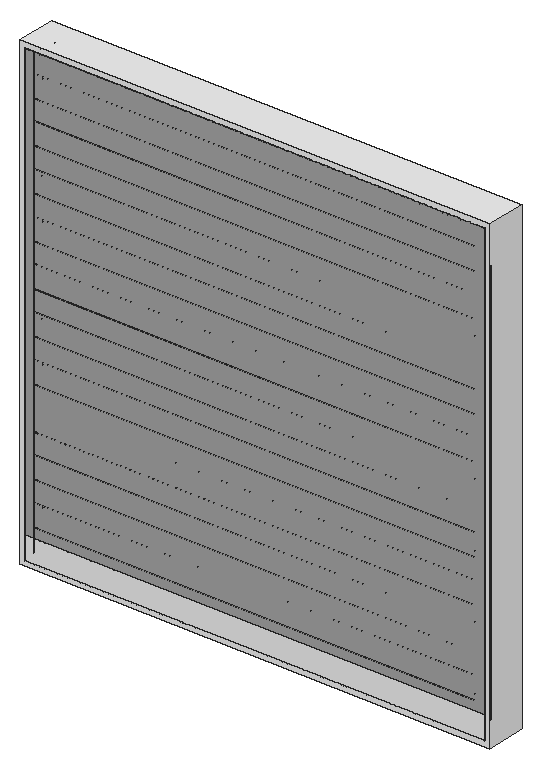
Revit family
Parameters (values of type "Louver_Drnable_EDD-445_All-Lite")
  Warranty = "http://www.alllite-louvers.com/All-Lite_Warranty.pdf"
  URL = "http://www.alllite-louvers.com"
  Specifications = "http://www.alllite-louvers.com/catalog/AEDD-445-csi-specification.doc"
  Spacing = 0.375 ft
  SmartBIM Object Version = 3  # constant formula
  SmartBIM Object Created By = "Reed Construction Data"  # constant formula
  Shim Thickness = 0.042 ft
  Screen Width = Width - (2 * Shim Thickness)  # 3.916 ft
  Screen Height = Height - (2 * Shim Thickness) - 0.198333 ft  # 3.717667 ft
  Screen = Aluminum
  Rough Width = 0.0 ft
  Rough Height = 0.0 ft
  Product URL = "http://www.alllite-louvers.com/catalog.php?model=EDD-445"
  Pressure Loss (in.wg.) = "0.16"  # constant formula
  OmniClass Title = "Exterior Louvers and Grilles"  # constant formula
  OmniClass Code = "23-60 11 17"  # constant formula
  Model = "EDD-445"  # constant formula
  Minimum Size = "4.5\" x 7.0"
  Maximum Size - Single Section = "60\" x 120\" or 120\" x 60\""
  Maximum Size - Multiple Section = "Unlimited"
  Manufacturer = "All-Lite"  # constant formula
  Blades Width = Width - (2 * Shim Thickness) - 2 * 0.072917 ft  # 3.770167 ft
  Blades = Mill finish, 6063-T5 Extruded Aluminum
  Installation = "http://www.alllite-louvers.com/catalog/Installation.pdf"
  Height = 4.0 ft
  Free Area for 48”x48” Louver = "50.4%"
  Free Area Velocity (fpm) = "1,026"  # constant formula
  Free Area (ft²) for 48"x48" Louver = 8.1 ft
  Frame = Mill finish, 6063-T5 Extruded Aluminum
  Default Sill Height = 3.0 ft
  Wall Closure = (empty or 0)
  Width = 4.0 ft
  Cut Sheet = "http://www.alllite-louvers.com/catalog/AEDD445.pdf"
  Assembly Code = "B2010300"
  Air Volume Delivered (cfm) = "8,311"  # constant formula
  95 CSI = "10200 "  # constant formula
  04 CSI = "08 91 00"  # constant formula
  # of Blades = (Height - 0.25 ft) / (Spacing)  # 10
Reference planes (ft)
  plane 1 "Center (Front/Back)": y = 0
  plane 2: z = 0.291667
  plane 3 "Center (Left/Right)": x = 0
  plane 4 "Left": x = -2
  plane 5 "Right": x = 2
  plane 6 "Sill": z = 3.291667
  plane 7 "Top": z = 7.291667
  plane 8: x = -1.958
  plane 9: x = 1.958
  plane 10: z = 7.249667
  plane 11: z = 3.333667
  plane 12: z = 5.291667
  plane 13: z = 3.417
  plane 14: z = 3.458667
  plane 15: z = 7.166333
  plane 16: z = 7.124667
  plane 17: z = 7.062167
Forms (ft)
  Sweep 1, solid, material "Mill finish, 6063-T5 Extruded Aluminum" <- "Frame"
    path origin (-5, 0.333333, 0) x (-1, 0, 0) y (0, 0, 1)
      loop
        line (-6.885083, 7.249667) -> (-3.114917, 7.249667)
    profile "Head Horizontal Mullion : Head Horizontal Mullion" origin (0, 0.333333, 7.249667) x (0, 0, 1) y (0, 1, 0)
      loop
        line (-0.083333, -0.00675) -> (-0.142259, -0.065676) -> (-0.137486, -0.070449) -> (-0.080537, -0.0135) -> (-0.00675, -0.0135) -> (-0.00675, -0.071625)
        arc (-0.00675, -0.071625) -> (-0.007739, -0.074011) -> (-0.010125, -0.075) r 0.003375
        line (-0.010125, -0.075) -> (-0.027583, -0.075) -> (-0.027583, -0.08175) -> (-0.253375, -0.08175) -> (-0.253375, -0.0135) -> (-0.176792, -0.0135) -> (-0.176792, -0.00675) -> (-0.260125, -0.00675) -> (-0.260125, -0.0885) -> (-0.152255, -0.0885)
        arc (-0.152255, -0.0885) -> (-0.149868, -0.089489) -> (-0.14888, -0.091875) r 0.003375
        line (-0.14888, -0.091875) -> (-0.14888, -0.104254)
        arc (-0.14888, -0.104254) -> (-0.149439, -0.106115) -> (-0.150931, -0.107359) r 0.003375
        arc (-0.150931, -0.107359) -> (-0.159111, -0.117587) -> (-0.155094, -0.130053) r 0.013833
        arc (-0.155094, -0.130053) -> (-0.151433, -0.130726) -> (-0.14938, -0.127621) r 0.003375
        arc (-0.14938, -0.127621) -> (-0.149649, -0.126299) -> (-0.150415, -0.125188) r 0.003375
        arc (-0.150415, -0.125188) -> (-0.145505, -0.113) -> (-0.140594, -0.125188) r 0.007083
        arc (-0.140594, -0.125188) -> (-0.14136, -0.126299) -> (-0.14163, -0.127621) r 0.003375
        arc (-0.14163, -0.127621) -> (-0.139577, -0.130726) -> (-0.135915, -0.130053) r 0.003375
        arc (-0.135915, -0.130053) -> (-0.131899, -0.117587) -> (-0.140079, -0.107359) r 0.013833
        arc (-0.140079, -0.107359) -> (-0.141571, -0.106115) -> (-0.14213, -0.104254) r 0.003375
        line (-0.14213, -0.104254) -> (-0.14213, -0.091875)
        arc (-0.14213, -0.091875) -> (-0.141141, -0.089489) -> (-0.138755, -0.0885) r 0.003375
        line (-0.138755, -0.0885) -> (-0.06925, -0.0885) -> (-0.06925, -0.09525) -> (-0.046442, -0.09525)
        arc (-0.046442, -0.09525) -> (-0.044055, -0.096239) -> (-0.043067, -0.098625) r 0.003375
        line (-0.043067, -0.098625) -> (-0.043067, -0.104254)
        arc (-0.043067, -0.104254) -> (-0.043626, -0.106115) -> (-0.045118, -0.107359) r 0.003375
        arc (-0.045118, -0.107359) -> (-0.053298, -0.117587) -> (-0.049281, -0.130053) r 0.013833
        arc (-0.049281, -0.130053) -> (-0.04562, -0.130726) -> (-0.043567, -0.127621) r 0.003375
        arc (-0.043567, -0.127621) -> (-0.043836, -0.126299) -> (-0.044602, -0.125188) r 0.003375
        arc (-0.044602, -0.125188) -> (-0.039692, -0.113) -> (-0.034781, -0.125188) r 0.007083
        arc (-0.034781, -0.125188) -> (-0.035547, -0.126299) -> (-0.035817, -0.127621) r 0.003375
        arc (-0.035817, -0.127621) -> (-0.033763, -0.130726) -> (-0.030102, -0.130053) r 0.003375
        arc (-0.030102, -0.130053) -> (-0.026085, -0.117587) -> (-0.034266, -0.107359) r 0.013833
        arc (-0.034266, -0.107359) -> (-0.035758, -0.106115) -> (-0.036317, -0.104254) r 0.003375
        line (-0.036317, -0.104254) -> (-0.036317, -0.098625)
        arc (-0.036317, -0.098625) -> (-0.035328, -0.096239) -> (-0.032942, -0.09525) r 0.003375
        line (-0.032942, -0.09525) -> (-0.00675, -0.09525) -> (-0.00675, -0.274467)
        arc (-0.00675, -0.274467) -> (-0.007739, -0.276853) -> (-0.010125, -0.277842) r 0.003375
        line (-0.010125, -0.277842) -> (-0.023858, -0.277842)
        arc (-0.023858, -0.277842) -> (-0.025719, -0.277283) -> (-0.026963, -0.275791) r 0.003375
        arc (-0.026963, -0.275791) -> (-0.037191, -0.267611) -> (-0.049657, -0.271627) r 0.013833
        arc (-0.049657, -0.271627) -> (-0.05033, -0.275289) -> (-0.047225, -0.277342) r 0.003375
        arc (-0.047225, -0.277342) -> (-0.045903, -0.277072) -> (-0.044793, -0.276306) r 0.003375
        arc (-0.044793, -0.276306) -> (-0.032604, -0.281217) -> (-0.044793, -0.286127) r 0.007083
        arc (-0.044793, -0.286127) -> (-0.045903, -0.285361) -> (-0.047225, -0.285092) r 0.003375
        arc (-0.047225, -0.285092) -> (-0.05033, -0.287145) -> (-0.049657, -0.290806) r 0.003375
        arc (-0.049657, -0.290806) -> (-0.037191, -0.294823) -> (-0.026963, -0.286643) r 0.013833
        arc (-0.026963, -0.286643) -> (-0.025719, -0.285151) -> (-0.023858, -0.284592) r 0.003375
        line (-0.023858, -0.284592) -> (-0.010125, -0.284592)
        arc (-0.010125, -0.284592) -> (-0.007739, -0.28558) -> (-0.00675, -0.287967) r 0.003375
        line (-0.00675, -0.287967) -> (-0.00675, -0.326583) -> (-0.0625, -0.326583) -> (-0.0625, -0.333333) -> (0, -0.333333) -> (0, -0.00675) -> (-0.083333, -0.00675)
  Sweep 2, solid, material "Mill finish, 6063-T5 Extruded Aluminum" <- "Frame"
    path origin (-5, 0.333333, 0) x (-1, 0, 0) y (0, 0, 1)
      loop
        line (-6.958, 3.333667) -> (-3.042, 3.333667)
    profile "Horizontal Mullion : Horizontal Mullion" origin (0, 0.333333, 3.333667) x (0, 0, 1) y (0, 1, 0)
      loop
        line (0.076583, -0.00675) -> (0.076583, -0.333333) -> (0.00675, -0.333333) -> (0.00675, -0.298417) -> (0, -0.298417) -> (0, -0.340083) -> (0.197917, -0.340083) -> (0.197917, -0.333333) -> (0.083333, -0.333333) -> (0.083333, 0) -> (0, 0) -> (0, -0.041667) -> (0.00675, -0.041667) -> (0.00675, -0.00675) -> (0.076583, -0.00675)
  Sweep 3, solid, material "Mill finish, 6063-T5 Extruded Aluminum" <- "Frame"
    path origin (-5, 0.333333, 0) x (-1, 0, 0) y (0, 0, 1)
      loop
        line (-6.958, 3.417) -> (-6.958, 7.249667)
    profile "Vertical Mullion : Vertical Mullion" origin (1.958, 0.333333, 5.333333) x (1, 0, 0) y (0, 1, 0)
      loop
        arc (-0.053884, -0.223561) -> (-0.066167, -0.21875) -> (-0.053884, -0.213939) r 0.007083
        arc (-0.053884, -0.213939) -> (-0.049763, -0.214099) -> (-0.049603, -0.209977) r 0.002917
        arc (-0.049603, -0.209977) -> (-0.05391, -0.206915) -> (-0.059083, -0.205833) r 0.012917
        arc (-0.059083, -0.205833) -> (-0.061499, -0.204833) -> (-0.0625, -0.202417) r 0.003417
        line (-0.0625, -0.202417) -> (-0.0625, -0.092167) -> (-0.04766, -0.092167)
        arc (-0.04766, -0.092167) -> (-0.044541, -0.090145) -> (-0.045113, -0.086472) r 0.003417
        arc (-0.045113, -0.086472) -> (-0.039833, -0.074667) -> (-0.034554, -0.086472) r 0.007083
        arc (-0.034554, -0.086472) -> (-0.035126, -0.090145) -> (-0.032007, -0.092167) r 0.003417
        line (-0.032007, -0.092167) -> (0, -0.092167) -> (0, 0) -> (-0.083333, 0) -> (-0.083333, -0.00675) -> (-0.072917, -0.00675) -> (-0.072917, -0.022375) -> (-0.066167, -0.022375) -> (-0.066167, -0.010417) -> (-0.010417, -0.010417) -> (-0.010417, -0.08175) -> (-0.022628, -0.08175)
        arc (-0.022628, -0.08175) -> (-0.02563, -0.080749) -> (-0.02743, -0.078145) r 0.005
        arc (-0.02743, -0.078145) -> (-0.039833, -0.068833) -> (-0.052237, -0.078145) r 0.012917
        arc (-0.052237, -0.078145) -> (-0.054036, -0.080749) -> (-0.057038, -0.08175) r 0.005
        line (-0.057038, -0.08175) -> (-0.072917, -0.08175) -> (-0.072917, -0.333333) -> (0, -0.333333) -> (0, -0.30575) -> (-0.010417, -0.30575) -> (-0.010417, -0.322917) -> (-0.0625, -0.322917) -> (-0.0625, -0.235083)
        arc (-0.0625, -0.235083) -> (-0.061499, -0.232667) -> (-0.059083, -0.231667) r 0.003417
        arc (-0.059083, -0.231667) -> (-0.05391, -0.230585) -> (-0.049603, -0.227523) r 0.012917
        arc (-0.049603, -0.227523) -> (-0.049763, -0.223401) -> (-0.053884, -0.223561) r 0.002917
  Sweep 4, solid, material "Mill finish, 6063-T5 Extruded Aluminum" <- "Frame"
    path origin (5, 0.333333, 0) x (1, 0, 0) y (0, 0, -1)
      loop
        line (-6.958, -3.417) -> (-6.958, -7.249667)
    profile "Vertical Mullion : Vertical Mullion" origin (-1.958, 0.333333, 5.333333) x (1, 0, 0) y (0, 1, 0)
      loop
        arc (0.053884, -0.223561) -> (0.049763, -0.223401) -> (0.049603, -0.227523) r 0.002917
        arc (0.049603, -0.227523) -> (0.05391, -0.230585) -> (0.059083, -0.231667) r 0.012917
        arc (0.059083, -0.231667) -> (0.061499, -0.232667) -> (0.0625, -0.235083) r 0.003417
        line (0.0625, -0.235083) -> (0.0625, -0.322917) -> (0.010417, -0.322917) -> (0.010417, -0.30575) -> (0, -0.30575) -> (0, -0.333333) -> (0.072917, -0.333333) -> (0.072917, -0.08175) -> (0.057038, -0.08175)
        arc (0.057038, -0.08175) -> (0.054036, -0.080749) -> (0.052237, -0.078145) r 0.005
        arc (0.052237, -0.078145) -> (0.039833, -0.068833) -> (0.02743, -0.078145) r 0.012917
        arc (0.02743, -0.078145) -> (0.02563, -0.080749) -> (0.022628, -0.08175) r 0.005
        line (0.022628, -0.08175) -> (0.010417, -0.08175) -> (0.010417, -0.010417) -> (0.066167, -0.010417) -> (0.066167, -0.022375) -> (0.072917, -0.022375) -> (0.072917, -0.00675) -> (0.083333, -0.00675) -> (0.083333, 0) -> (0, 0) -> (0, -0.092167) -> (0.032007, -0.092167)
        arc (0.032007, -0.092167) -> (0.035126, -0.090145) -> (0.034554, -0.086472) r 0.003417
        arc (0.034554, -0.086472) -> (0.039833, -0.074667) -> (0.045113, -0.086472) r 0.007083
        arc (0.045113, -0.086472) -> (0.044541, -0.090145) -> (0.04766, -0.092167) r 0.003417
        line (0.04766, -0.092167) -> (0.0625, -0.092167) -> (0.0625, -0.202417)
        arc (0.0625, -0.202417) -> (0.061499, -0.204833) -> (0.059083, -0.205833) r 0.003417
        arc (0.059083, -0.205833) -> (0.05391, -0.206915) -> (0.049603, -0.209977) r 0.012917
        arc (0.049603, -0.209977) -> (0.049763, -0.214099) -> (0.053884, -0.213939) r 0.002917
        arc (0.053884, -0.213939) -> (0.066167, -0.21875) -> (0.053884, -0.223561) r 0.007083
  Sweep 5, solid, material "Mill finish, 6063-T5 Extruded Aluminum" <- "Frame"
    path origin (-5, 0.333333, 0) x (-1, 0, 0) y (0, 0, 1)
      loop
        line (-3, 7.291667) -> (-7, 7.291667) -> (-7, 3.291667) -> (-3, 3.291667) -> (-3, 7.291667)
    profile origin (-2, 0.333333, 5.291667) x (0, 1, 0) y (-1, 0, 0)
      loop
        line (0, 0) -> (-0.340083, 0) -> (-0.340083, -0.042) -> (0, -0.042) -> (0, 0)
  Extrusion 6, solid, material "Aluminum" <- "Screen"
    sketch origin (1.958, 0, 3.417) x (0, 0, 1) y (-1, 0, 0)
      loop
        line (0.114583, 0) -> (3.832667, 0) -> (3.832667, 3.916) -> (0.114583, 3.916) -> (0.114583, 0)
    from 0 to 0.00675
Cuts and joins
  joined: Sweep 3, Sweep 4
Lines and regions (ft)
  Opening 1
    outline origin (-5, -0.333333, 0) x (1, 0, 0) y (0, 0, 1)
      loop
        line (3, 7.291667) -> (3, 3.291667) -> (7, 3.291667) -> (7, 7.291667) -> (3, 7.291667)
  Masking region 1, detail levels coarse+medium
    outline origin (0, 0, 0) x (1, 0, 0) y (0, 1, 0)
      loop
        line (-2, -0.00675) -> (-1.885083, -0.00675) -> (-1.885083, 0.333333) -> (-2, 0.333333) -> (-2, -0.00675)
  Masking region 2, detail levels fine
    outline origin (0, 0, 0) x (1, 0, 0) y (0, 1, 0)
      loop
        arc (-1.912887, 0.246861) -> (-1.913459, 0.243188) -> (-1.91034, 0.241167) r 0.003417
        line (-1.91034, 0.241167) -> (-1.8955, 0.241167) -> (-1.8955, 0.130917)
        arc (-1.8955, 0.130917) -> (-1.896501, 0.128501) -> (-1.898917, 0.1275) r 0.003417
        arc (-1.898917, 0.1275) -> (-1.90409, 0.126419) -> (-1.908397, 0.123356) r 0.012917
        arc (-1.908397, 0.123356) -> (-1.908237, 0.119234) -> (-1.904116, 0.119394) r 0.002917
        arc (-1.904116, 0.119394) -> (-1.891833, 0.114583) -> (-1.904116, 0.109773) r 0.007083
        arc (-1.904116, 0.109773) -> (-1.908237, 0.109932) -> (-1.908397, 0.105811) r 0.002917
        arc (-1.908397, 0.105811) -> (-1.90409, 0.102748) -> (-1.898917, 0.101667) r 0.012917
        arc (-1.898917, 0.101667) -> (-1.896501, 0.100666) -> (-1.8955, 0.09825) r 0.003417
        line (-1.8955, 0.09825) -> (-1.8955, 0.010417) -> (-1.947583, 0.010417) -> (-1.947583, 0.027583) -> (-1.958, 0.027583) -> (-1.958, -0.00675) -> (-1.885083, -0.00675) -> (-1.885083, 0.251583) -> (-1.900962, 0.251583)
        arc (-1.900962, 0.251583) -> (-1.903964, 0.252585) -> (-1.905763, 0.255188) r 0.005
        arc (-1.905763, 0.255188) -> (-1.918167, 0.2645) -> (-1.93057, 0.255188) r 0.012917
        arc (-1.93057, 0.255188) -> (-1.93237, 0.252585) -> (-1.935372, 0.251583) r 0.005
        line (-1.935372, 0.251583) -> (-1.947583, 0.251583) -> (-1.947583, 0.322917) -> (-1.891833, 0.322917) -> (-1.891833, 0.310958) -> (-1.885083, 0.310958) -> (-1.885083, 0.326583) -> (-1.874667, 0.326583) -> (-1.874667, 0.333333) -> (-1.958, 0.333333) -> (-1.958, 0.241167) -> (-1.925993, 0.241167)
        arc (-1.925993, 0.241167) -> (-1.922874, 0.243188) -> (-1.923446, 0.246861) r 0.003417
        arc (-1.923446, 0.246861) -> (-1.918167, 0.258667) -> (-1.912887, 0.246861) r 0.007083
  Masking region 3, detail levels coarse+medium
    outline origin (0, 0, 0) x (1, 0, 0) y (0, 1, 0)
      loop
        line (2, -0.00675) -> (2, 0.333333) -> (1.885083, 0.333333) -> (1.885083, -0.00675) -> (2, -0.00675)
  Masking region 4, detail levels fine
    outline origin (0, 0, 0) x (1, 0, 0) y (0, 1, 0)
      loop
        line (1.947583, 0.322917) -> (1.947583, 0.251583) -> (1.935372, 0.251583)
        arc (1.935372, 0.251583) -> (1.93237, 0.252585) -> (1.93057, 0.255188) r 0.005
        arc (1.93057, 0.255188) -> (1.918167, 0.2645) -> (1.905763, 0.255188) r 0.012917
        arc (1.905763, 0.255188) -> (1.903964, 0.252585) -> (1.900962, 0.251583) r 0.005
        line (1.900962, 0.251583) -> (1.885083, 0.251583) -> (1.885083, 0) -> (1.958, 0) -> (1.958, 0.027583) -> (1.947583, 0.027583) -> (1.947583, 0.010417) -> (1.8955, 0.010417) -> (1.8955, 0.09825)
        arc (1.8955, 0.09825) -> (1.896501, 0.100666) -> (1.898917, 0.101667) r 0.003417
        arc (1.898917, 0.101667) -> (1.90409, 0.102748) -> (1.908397, 0.105811) r 0.012917
        arc (1.908397, 0.105811) -> (1.908237, 0.109932) -> (1.904116, 0.109773) r 0.002917
        arc (1.904116, 0.109773) -> (1.891833, 0.114583) -> (1.904116, 0.119394) r 0.007083
        arc (1.904116, 0.119394) -> (1.908237, 0.119234) -> (1.908397, 0.123356) r 0.002917
        arc (1.908397, 0.123356) -> (1.90409, 0.126419) -> (1.898917, 0.1275) r 0.012917
        arc (1.898917, 0.1275) -> (1.896501, 0.128501) -> (1.8955, 0.130917) r 0.003417
        line (1.8955, 0.130917) -> (1.8955, 0.241167) -> (1.91034, 0.241167)
        arc (1.91034, 0.241167) -> (1.913459, 0.243188) -> (1.912887, 0.246861) r 0.003417
        arc (1.912887, 0.246861) -> (1.918167, 0.258667) -> (1.923446, 0.246861) r 0.007083
        arc (1.923446, 0.246861) -> (1.922874, 0.243188) -> (1.925993, 0.241167) r 0.003417
        line (1.925993, 0.241167) -> (1.958, 0.241167) -> (1.958, 0.333333) -> (1.874667, 0.333333) -> (1.874667, 0.326583) -> (1.885083, 0.326583) -> (1.885083, 0.310958) -> (1.891833, 0.310958) -> (1.891833, 0.322917) -> (1.947583, 0.322917)
  Masking region 5, detail levels coarse+medium
    outline origin (0, 0, 0) x (1, 0, 0) y (0, 1, 0)
      loop
        line (2, -0.00675) -> (2, 0.333333) -> (1.885083, 0.333333) -> (1.885083, -0.00675) -> (2, -0.00675)
Text (ft)
  text "EXTERIOR" at (-4.890733, 4.242245, 0), in view "Ref. Level"
  text "INTERIOR" at (-4.890733, -3.147199, 0), in view "Ref. Level"
  text "Exterior" at (0, 3.638026, 10.266337), in view "Left"
  text "Exterior" at (0, 1.524487, 10.420622), in view "Right"
Dimensions and locks (ft)
  equal spacing: plane 4 "Left", plane 3 "Center (Left/Right)", plane 5 "Right"
  "Width": plane 4 "Left" to plane 5 "Right"
  "Height": plane 6 "Sill" to plane 7 "Top"
  "Default Sill Height": plane 2 to plane 6 "Sill"
  "Shim Thickness": plane 4 "Left" to plane 8
  "Shim Thickness": plane 9 to plane 5 "Right"
  "Shim Thickness": plane 10 to plane 7 "Top"
  "Shim Thickness": plane 6 "Sill" to plane 11
  equal spacing: plane 11, plane 12, plane 10
  locked: plane 13 to plane 11 at 0.083333
  locked: plane 14 to plane 13 at 0.041667
  locked: plane 10 to plane 15 at 0.083333
  locked: plane 15 to plane 16 at 0.041667
  locked: plane 10 to plane 17 at 0.1875
  equal spacing: group 1, group 3, group 4, group 5, group 6, group 7, group 8, group 9, group 10, group 2  (x3)
  aligned and locked: plane 7 "Top" to Opening 1 sketch curve
  aligned and locked: plane 6 "Sill" to Opening 1 sketch curve  (x2)
  aligned and locked: plane 5 "Right" to Opening 1 sketch curve
  aligned and locked: plane 4 "Left" to Opening 1 sketch curve
  aligned and locked: plane 10 to Sweep 1 sketch curve
  aligned and locked: Sweep 2 sketch curve to plane 11
  aligned and locked: plane 9 to Sweep 2 sketch curve
  aligned and locked: plane 8 to Sweep 2 sketch curve
  aligned and locked: plane 9 to Sweep 3 sketch curve
  aligned and locked: Sweep 4 sketch curve to plane 8
  aligned and locked: Sweep 5 sketch curve to plane 4 "Left"
  aligned and locked: Sweep 5 sketch curve to plane 7 "Top"
  aligned and locked: Sweep 5 sketch curve to plane 6 "Sill"
  aligned and locked: Sweep 5 sketch curve to plane 5 "Right"
  aligned and locked: Sweep 5 sketch curve to host wall  (x2)
  aligned and locked: plane 8 to Sweep 5 sketch curve
  aligned and locked: plane 3 "Center (Left/Right)" to nested 1
  aligned and locked: plane 10 to Sweep 4 sketch curve
  aligned and locked: profile plane to host wall
  aligned and locked: Sweep 2 to Sweep 3 sketch curve
  aligned and locked: Sweep 4 sketch curve to Sweep 2
  aligned and locked: Sweep 5 sketch curve to Sweep 2
  aligned and locked: plane 14 to nested 1
  aligned and locked: plane 3 "Center (Left/Right)" to nested 2
  aligned and locked: Sweep 1 sketch curve to cut or joined group of Sweep 3, Sweep 4
  aligned and locked: cut or joined group of Sweep 3, Sweep 4 to Sweep 1 sketch curve
  aligned and locked: Extrusion 6 sketch curve to Sweep 2
  aligned and locked: cut or joined group of Sweep 3, Sweep 4 to Extrusion 6 sketch curve
  aligned and locked: Extrusion 6 sketch curve to Sweep 1
  aligned and locked: Extrusion 6 sketch curve to cut or joined group of Sweep 3, Sweep 4
  aligned and locked: Extrusion 6 to Sweep 2
  aligned and locked: Sweep 5 to Extrusion 6
  aligned and locked: nested 1 to cut or joined group of Sweep 3, Sweep 4
  aligned and locked: nested 2 to cut or joined group of Sweep 3, Sweep 4
  aligned and locked: nested 2 to plane 16
  aligned and locked: Masking region 1 sketch curve to Sweep 5
  aligned and locked: Masking region 1 sketch curve to plane 4 "Left"
  aligned and locked: Sweep 5 to Masking region 1 sketch curve
  aligned and locked: Masking region 1 sketch curve to nested 3
  aligned and locked: Masking region 2 sketch curve to cut or joined group of Sweep 3, Sweep 4  (x24)
  aligned and locked: Sweep 5 to Masking region 2 sketch curve
  aligned and locked: Sweep 2 to Masking region 2 sketch curve
  aligned and locked: nested 3 to Masking region 2 sketch curve  (x2)
  aligned and locked: Masking region 2 sketch curve to plane 8
  aligned and locked: Masking region 2 sketch curve to Extrusion 6
  aligned and locked: Masking region 2 sketch curve to nested 3
  aligned and locked: Masking region 3 sketch curve to plane 5 "Right"
  aligned and locked: Masking region 3 sketch curve to Sweep 5
  aligned and locked: Masking region 3 sketch curve to nested 3
  aligned and locked: Extrusion 6 to Masking region 3 sketch curve
  aligned and locked: Masking region 4 sketch curve to cut or joined group of Sweep 3, Sweep 4  (x24)
  aligned and locked: Sweep 5 to Masking region 4 sketch curve
  aligned and locked: Masking region 4 sketch curve to Extrusion 6
  aligned and locked: Masking region 4 sketch curve to nested 3  (x2)
  aligned and locked: Masking region 4 sketch curve to Sweep 5
  aligned and locked: nested 3 to Masking region 4 sketch curve
  aligned and locked: Masking region 4 sketch curve to Sweep 2
  aligned and locked: Masking region 5 sketch curve to plane 5 "Right"
  aligned and locked: Extrusion 6 to Masking region 5 sketch curve
  aligned and locked: Masking region 5 sketch curve to nested 3
  aligned and locked: Masking region 5 sketch curve to Sweep 2
Automatic sketch dimensions
  Sweep 3 sketch curve to plane 10 = 0.0 ft
Nested families (ft)
  nested 1: "Louver Single" at (0, 0.249604, 3.458667), type "Louver"
  nested 2: "Louver Single" at (0, 0.249604, 6.733083), type "Louver"
  nested 3: "Louver Single" at (0, 0.249604, 3.822491), type "Louver"
  nested 4: "Louver Single" at (0, 0.249604, 4.186315), type "Louver"
  nested 5: "Louver Single" at (0, 0.249604, 4.550139), type "Louver"
  nested 6: "Louver Single" at (0, 0.249604, 4.913963), type "Louver"
  nested 7: "Louver Single" at (0, 0.249604, 5.277787), type "Louver"
  nested 8: "Louver Single" at (0, 0.249604, 5.641611), type "Louver"
  nested 9: "Louver Single" at (0, 0.249604, 6.005435), type "Louver"
  nested 10: "Louver Single" at (0, 0.249604, 6.369259), type "Louver"
Connectors (ft)
  hvac at (0, -0.00675, 5.390625), driven by "Screen Height", driven by "Screen Width"
    settings: on Extrusion 6, index 1, duct flow 0 CFM, flow factor 0, pres drop 0.00 in-wg, loss coef 0, conn angle 0.00°, conn width 46.992", conn height 44.612", conn radius 12", duct sys type 4, conn prof type 1, flow config 0, flow direction 0, loss method 0, conn ref index -1, conn util no, is conn primary yes, conn desc ""
Definition of nested family "Louver Single"
  Parameters (values of type "Louver")
    Louver Length = 3.770833 ft
    Depth = 0.156576 ft
    Louver Single = yes
    Louver = All-Lite - El Cajon Silver
    Assembly Code = ""
  Reference planes (ft)
    plane 1 "Center (Front/Back)": y = -0.085938
    plane 2: z = 0
    plane 3 "Center (Left/Right)": x = 0
    plane 4: x = -1.885417
    plane 5: x = 1.885417
    plane 6: y = 0.076979
    plane 7: y = -0.248854
    plane 8: z = 0.391584
  Forms (ft)
    Extrusion 1, solid, material "All-Lite - El Cajon Silver" <- "Louver"
      sketch origin (0, 0.069514, -0.061431) x (0, 1, 0) y (0, 0, 1)
        loop
          arc (-0.25961, 0.324886) -> (-0.262637, 0.322085) -> (-0.259836, 0.319057) r 0.002917
          arc (-0.259836, 0.319057) -> (-0.253296, 0.320546) -> (-0.248385, 0.325114) r 0.012917
          arc (-0.248385, 0.325114) -> (-0.245874, 0.326697) -> (-0.243072, 0.325718) r 0.003417
          line (-0.243072, 0.325718) -> (-0.124998, 0.207644)
          arc (-0.124998, 0.207644) -> (-0.124019, 0.204842) -> (-0.125602, 0.202331) r 0.003417
          arc (-0.125602, 0.202331) -> (-0.13017, 0.19742) -> (-0.131659, 0.19088) r 0.012917
          arc (-0.131659, 0.19088) -> (-0.128631, 0.188079) -> (-0.12583, 0.191106) r 0.002917
          arc (-0.12583, 0.191106) -> (-0.113743, 0.196389) -> (-0.119026, 0.184303) r 0.007083
          arc (-0.119026, 0.184303) -> (-0.122054, 0.181501) -> (-0.119253, 0.178474) r 0.002917
          arc (-0.119253, 0.178474) -> (-0.112713, 0.179963) -> (-0.107802, 0.18453) r 0.012917
          arc (-0.107802, 0.18453) -> (-0.105288, 0.186113) -> (-0.102485, 0.18513) r 0.003417
          line (-0.102485, 0.18513) -> (-0.077526, 0.160089)
          arc (-0.077526, 0.160089) -> (-0.075991, 0.157791) -> (-0.075452, 0.155081) r 0.007083
          line (-0.075452, 0.155081) -> (-0.075398, 0.14347)
          arc (-0.075398, 0.14347) -> (-0.073766, 0.137126) -> (-0.070052, 0.131729) r 0.01875
          line (-0.070052, 0.131729) -> (-0.002522, 0.063168)
          arc (-0.002522, 0.063168) -> (0.003845, 0.061867) -> (0.007465, 0.067264) r 0.005833
          line (0.007465, 0.067264) -> (0.007465, 0.141389)
          arc (0.007465, 0.141389) -> (0.00409, 0.144764) -> (0.000715, 0.141389) r 0.003375
          line (0.000715, 0.141389) -> (0.000715, 0.077831)
          arc (0.000715, 0.077831) -> (-0.001406, 0.074669) -> (-0.005136, 0.075434) r 0.003417
          line (-0.005136, 0.075434) -> (-0.065246, 0.136469)
          arc (-0.065246, 0.136469) -> (-0.067804, 0.140342) -> (-0.068702, 0.144895) r 0.012
          line (-0.068702, 0.144895) -> (-0.068702, 0.155081)
          arc (-0.068702, 0.155081) -> (-0.069755, 0.160374) -> (-0.072753, 0.164862) r 0.013833
          line (-0.072753, 0.164862) -> (-0.31063, 0.402739)
          arc (-0.31063, 0.402739) -> (-0.311362, 0.403834) -> (-0.311618, 0.405125) r 0.003375
          line (-0.311618, 0.405125) -> (-0.311618, 0.44964)
          arc (-0.311618, 0.44964) -> (-0.314993, 0.453015) -> (-0.318368, 0.44964) r 0.003375
          line (-0.318368, 0.44964) -> (-0.318368, 0.403727)
          arc (-0.318368, 0.403727) -> (-0.317855, 0.401144) -> (-0.316391, 0.398954) r 0.00675
          line (-0.316391, 0.398954) -> (-0.265584, 0.348229)
          arc (-0.265584, 0.348229) -> (-0.264603, 0.345427) -> (-0.266186, 0.342914) r 0.003417
          arc (-0.266186, 0.342914) -> (-0.270753, 0.338003) -> (-0.272242, 0.331463) r 0.012917
          arc (-0.272242, 0.331463) -> (-0.269215, 0.328662) -> (-0.266413, 0.331689) r 0.002917
          arc (-0.266413, 0.331689) -> (-0.254327, 0.336973) -> (-0.25961, 0.324886) r 0.007083
      from -1.885417 to 1.885417
    Extrusion 2, solid, material "All-Lite - El Cajon Silver" <- "Louver"
      sketch origin (0, 0.084583, 0) x (0, 1, 0) y (0, 0, 1)
        loop
          line (-0.150253, 0.116481) -> (-0.323949, 0.151645)
          arc (-0.323949, 0.151645) -> (-0.325916, 0.152831) -> (-0.326688, 0.154994) r 0.003417
          line (-0.326688, 0.154994) -> (-0.326688, 0.203364)
          arc (-0.326688, 0.203364) -> (-0.330063, 0.206739) -> (-0.333438, 0.203364) r 0.003375
          line (-0.333438, 0.203364) -> (-0.333438, 0.1522)
          arc (-0.333438, 0.1522) -> (-0.331913, 0.147927) -> (-0.328027, 0.145584) r 0.00675
          line (-0.328027, 0.145584) -> (-0.149441, 0.10943)
          arc (-0.149441, 0.10943) -> (-0.145653, 0.109756) -> (-0.142642, 0.112077) r 0.00675
          line (-0.142642, 0.112077) -> (-0.1343, 0.123551)
          arc (-0.1343, 0.123551) -> (-0.130048, 0.13514) -> (-0.13976, 0.12752) r 0.006417
          line (-0.13976, 0.12752) -> (-0.146811, 0.117821)
          arc (-0.146811, 0.117821) -> (-0.148335, 0.116646) -> (-0.150253, 0.116481) r 0.003417
      from -1.885417 to 1.885417
  Dimensions and locks (ft)
    equal spacing: plane 4, plane 3 "Center (Left/Right)", plane 5
    "Louver Length": plane 4 to plane 5
    aligned and locked: Extrusion 2 to plane 4
    aligned and locked: plane 5 to Extrusion 2
    aligned and locked: Extrusion 1 to plane 4
    aligned and locked: plane 5 to Extrusion 1
  Automatic sketch dimensions
    Extrusion 1 sketch curve to Extrusion 1 sketch curve = 0.0 ft  (x29)
    plane 1 "Center (Front/Back)" to Extrusion 1 sketch curve = 0.162917 ft
    Extrusion 1 sketch curve to Extrusion 1 sketch curve = 0.001977 ft
    Extrusion 1 sketch curve to Extrusion 1 sketch curve = 0.003375 ft  (x3)
    Extrusion 1 sketch curve to Extrusion 1 sketch curve = 0.000989 ft  (x2)
    Extrusion 1 sketch curve to Extrusion 1 sketch curve = 0.044149 ft
    Extrusion 1 sketch curve to Extrusion 1 sketch curve = 0.002914 ft  (x3)
    Extrusion 1 sketch curve to Extrusion 1 sketch curve = 0.001584 ft  (x2)
    Extrusion 1 sketch curve to Extrusion 1 sketch curve = 0.001812 ft  (x2)
    level to Extrusion 1 sketch curve = 0.286798 ft
    Extrusion 1 sketch curve to Extrusion 1 sketch curve = 0.002414 ft
    Extrusion 1 sketch curve to Extrusion 1 sketch curve = 0.006577 ft  (x2)
    Extrusion 1 sketch curve to Extrusion 1 sketch curve = 0.000113 ft  (x2)
    Extrusion 1 sketch curve to Extrusion 1 sketch curve = 0.007078 ft  (x2)
    Extrusion 1 sketch curve to Extrusion 1 sketch curve = 0.011225 ft  (x2)
    Extrusion 1 sketch curve to Extrusion 1 sketch curve = 0.002897 ft  (x2)
    Extrusion 1 sketch curve to Extrusion 1 sketch curve = 0.002416 ft  (x2)
    Extrusion 1 sketch curve to Extrusion 1 sketch curve = 0.113829 ft
    Extrusion 1 sketch curve to Extrusion 1 sketch curve = 0.00242 ft
    Extrusion 1 sketch curve to Extrusion 1 sketch curve = 0.02237 ft
    level to Extrusion 1 sketch curve = 0.098658 ft
    Extrusion 1 sketch curve to Extrusion 1 sketch curve = 0.005009 ft
    level to Extrusion 1 sketch curve = 0.09365 ft
    level to Extrusion 1 sketch curve = 0.082039 ft
    Extrusion 1 sketch curve to Extrusion 1 sketch curve = 0.000054 ft
    level to Extrusion 1 sketch curve = 0.103431 ft
    Extrusion 1 sketch curve to Extrusion 1 sketch curve = 0.004773 ft
    Extrusion 1 sketch curve to Extrusion 1 sketch curve = 0.005346 ft
    Extrusion 1 sketch curve to Extrusion 1 sketch curve = 0.004806 ft
    Extrusion 1 sketch curve to Extrusion 1 sketch curve = 0.012 ft
    level to Extrusion 1 sketch curve = 0.014003 ft
    Extrusion 1 sketch curve to Extrusion 1 sketch curve = 0.06011 ft
    Extrusion 1 sketch curve to Extrusion 1 sketch curve = 0.002434 ft
    level to Extrusion 1 sketch curve = 0.001737 ft
    Extrusion 1 sketch curve to Extrusion 1 sketch curve = 0.002614 ft
    Extrusion 1 sketch curve to Extrusion 1 sketch curve = 0.003417 ft
    Extrusion 1 sketch curve to Extrusion 1 sketch curve = 0.004153 ft
    Extrusion 1 sketch curve to Extrusion 1 sketch curve = 0.011741 ft
    Extrusion 1 sketch curve to Extrusion 1 sketch curve = 0.003506 ft
    Extrusion 1 sketch curve to Extrusion 1 sketch curve = 0.023393 ft
    Extrusion 1 sketch curve to Extrusion 1 sketch curve = 0.029172 ft
    Extrusion 1 sketch curve to Extrusion 1 sketch curve = 0.050725 ft
    Extrusion 1 sketch curve to Extrusion 1 sketch curve = 0.044514 ft
    level to Extrusion 2 sketch curve = 0.1522 ft
    plane 1 "Center (Front/Back)" to Extrusion 2 sketch curve = 0.162917 ft
    Extrusion 2 sketch curve to Extrusion 2 sketch curve = 0.003375 ft
    level to Extrusion 2 sketch curve = 0.145584 ft
    Extrusion 2 sketch curve to Extrusion 2 sketch curve = 0.005411 ft
    level to Extrusion 2 sketch curve = 0.151645 ft
    Extrusion 2 sketch curve to Extrusion 2 sketch curve = 0.002739 ft
    Extrusion 2 sketch curve to Extrusion 2 sketch curve = 0.003417 ft
    level to Extrusion 2 sketch curve = 0.116481 ft
    Extrusion 2 sketch curve to Extrusion 2 sketch curve = 0.173696 ft
    Extrusion 2 sketch curve to Extrusion 2 sketch curve = 0.000678 ft
    Extrusion 2 sketch curve to Extrusion 2 sketch curve = 0.000812 ft
    Extrusion 2 sketch curve to Extrusion 2 sketch curve = 0.002151 ft
    Extrusion 2 sketch curve to Extrusion 2 sketch curve = 0.00129 ft
    Extrusion 2 sketch curve to Extrusion 2 sketch curve = 0.00546 ft  (x2)
    level to Extrusion 2 sketch curve = 0.12752 ft
    Extrusion 2 sketch curve to Extrusion 2 sketch curve = 0.007051 ft
    level to Extrusion 2 sketch curve = 0.123551 ft
    Extrusion 2 sketch curve to Extrusion 2 sketch curve = 0.005939 ft
    Extrusion 2 sketch curve to Extrusion 2 sketch curve = 0.000435 ft
    Extrusion 2 sketch curve to Extrusion 2 sketch curve = 0.003969 ft
    Extrusion 2 sketch curve to Extrusion 2 sketch curve = 0.001775 ft
    Extrusion 2 sketch curve to Extrusion 2 sketch curve = 0.04837 ft
